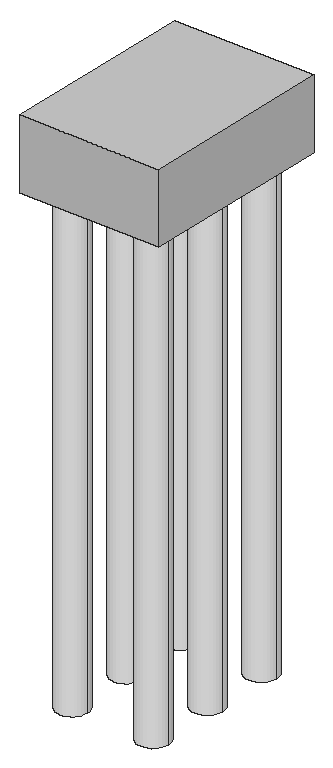
Revit family
Parameters (values of type "2500 x 1800 x 900mm")
  Width = 1800 mm
  Thickness = 900 mm
  파일 유형 = M_파일-스틸 파이프 : 400mm 지름
  Length = 2500 mm
  기초 재료 [instance] = 콘크리트 - 현장타설 콘크리트
  절단 = 150 mm
  간격 = 375 mm
  Assembly Code = "A1010130"
Reference planes
  plane 1 "중심(앞/뒤)": y = 0
  plane 2: z = 0
  plane 3 "중심(왼쪽/오른쪽)": x = 0
  plane 4: x = -900
  plane 5: x = 900
  plane 6: y = 1250
  plane 7: y = -1250
  plane 8: z = -900
  plane 9: x = -525
  plane 10: x = 525
  plane 11: y = 875
  plane 12: y = -875
  plane 13: z = -750
Forms (mm)
  Extrusion 1, solid, material "콘크리트 - 현장타설 콘크리트" <- "기초 재료"
    sketch origin (0, 0, 0) x (1, 0, 0) y (0, 1, 0)
      loop
        line (-900, 1250) -> (-900, -1250) -> (900, -1250) -> (900, 1250) -> (-900, 1250)
    from -900 to 0
Dimensions and locks
  "Width": plane 4 to plane 5
  "Length": plane 6 to plane 7
  equal spacing: plane 6, plane 1 "중심(앞/뒤)", plane 7
  equal spacing: plane 4, plane 3 "중심(왼쪽/오른쪽)", plane 5
  "Thickness": plane 2 to plane 8
  "간격": plane 4 to plane 9
  "간격": plane 10 to plane 5
  "간격": plane 6 to plane 11
  "간격": plane 7 to plane 12
  "절단": plane 13 to plane 8
  aligned and locked: plane 4 to Extrusion 1 sketch curve
  aligned and locked: Extrusion 1 sketch curve to plane 5
  aligned and locked: Extrusion 1 sketch curve to plane 6
  aligned and locked: plane 7 to Extrusion 1 sketch curve
  aligned and locked: level to Extrusion 1
  aligned and locked: Extrusion 1 to plane 8
  aligned and locked: nested 4 to plane 9
  aligned and locked: plane 11 to nested 4
  aligned and locked: plane 12 to nested 1
  aligned and locked: nested 1 to plane 9
  aligned and locked: plane 10 to nested 2
  aligned and locked: plane 12 to nested 2
  aligned and locked: plane 11 to nested 3
  aligned and locked: plane 10 to nested 3
  aligned and locked: plane 1 "중심(앞/뒤)" to nested 5
  aligned and locked: nested 5 to plane 9
  aligned and locked: plane 1 "중심(앞/뒤)" to nested 6
  aligned and locked: plane 10 to nested 6
  aligned and locked: plane 13 to nested 4
  aligned and locked: plane 13 to nested 5
  aligned and locked: plane 13 to nested 1
  aligned and locked: plane 13 to nested 3
  aligned and locked: plane 13 to nested 6
  aligned and locked: plane 13 to nested 2
Nested families
  nested 1: "M_파일-스틸 파이프" at (-525, -875, -900), type <- "파일 유형", type "400mm 지름"
    with 파일 재료 금속 - 스틸 - 345 MPa
  nested 2: "M_파일-스틸 파이프" at (525, -875, -900), type <- "파일 유형", type "400mm 지름"
    with 파일 재료 금속 - 스틸 - 345 MPa
  nested 3: "M_파일-스틸 파이프" at (525, 875, -900), type <- "파일 유형", type "400mm 지름"
    with 파일 재료 금속 - 스틸 - 345 MPa
  nested 4: "M_파일-스틸 파이프" at (-525, 875, -900), type <- "파일 유형", type "400mm 지름"
    with 파일 재료 금속 - 스틸 - 345 MPa
  nested 5: "M_파일-스틸 파이프" at (-525, 0, -900), type <- "파일 유형", type "400mm 지름"
    with 파일 재료 금속 - 스틸 - 345 MPa
  nested 6: "M_파일-스틸 파이프" at (525, 0, -900), type <- "파일 유형", type "400mm 지름"
    with 파일 재료 금속 - 스틸 - 345 MPa
Definition of nested family "M_파일-스틸 파이프"
  Parameters (values of type "400mm 지름")
    반지름 = Diameter / 2  # 200 mm
    최소 내포 = 150 mm
    파일 재료 [instance] = 금속 - 스틸 - 345 MPa
    Diameter = 400 mm
    Depth = 6000 mm
    Assembly Code = "A1020130"
  Reference planes
    plane 1 "중심(앞/뒤)": y = 0
    plane 2: z = 0
    plane 3 "중심(왼쪽/오른쪽)": x = 0
    plane 4: z = -6000
    plane 5: z = 150
  Forms (mm)
    Extrusion 1, solid, material "금속 - 스틸 - 345 MPa" <- "파일 재료"
      sketch origin (0, 0, 0) x (1, 0, 0) y (0, 1, 0)
        loop
          circle (0, 0) r 200
      from -6000 to 150
  Dimensions and locks
    "Depth": plane 2 to plane 4
    "최소 내포": plane 5 to plane 2
    "반지름": radius of Extrusion 1 sketch curve
    aligned and locked: Extrusion 1 to plane 4
    aligned and locked: Extrusion 1 to plane 5
  Automatic sketch dimensions
    Extrusion 1 sketch curve to plane 1 "중심(앞/뒤)" = 0 mm
    Extrusion 1 sketch curve to plane 3 "중심(왼쪽/오른쪽)" = 0 mm
